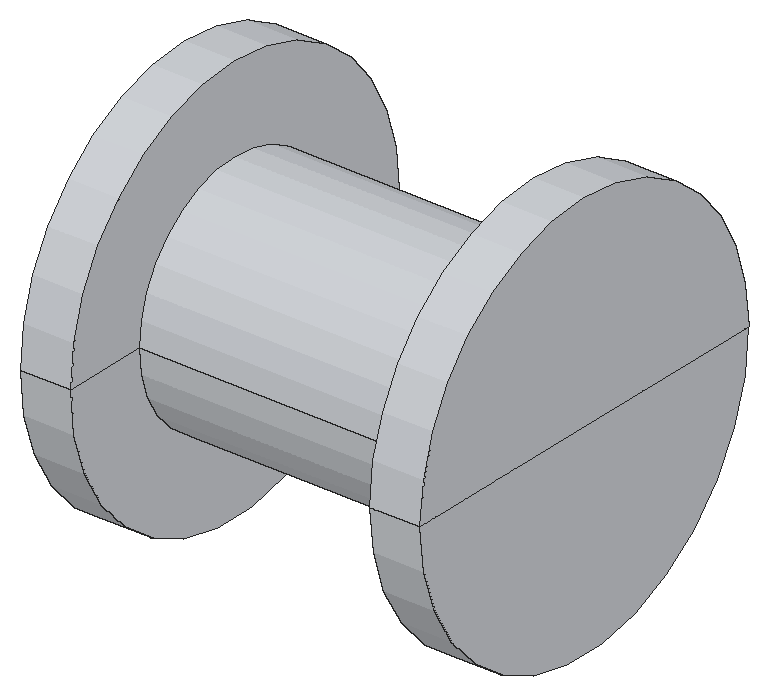
Revit family "a9c714dce54b4701b8b2b1c78c30aff9", category Pipe Fittings, Revit 2021
Family settings
  Round Connector Dimension = Use Radius
  Part Type = Union
  OmniClass Number = 23.60.30.11.14
  OmniClass Title = Pipework Fittings
  Seek Item ID = Coupling - Generic-0000-USA-ENU
  Work Plane-Based = No
  Always vertical = Yes
  Cut with Voids When Loaded = No
  Shared = No
Parameters (values of type "Standard")
  Tick Size [instance] = Socket Outside Diameter * 0.4  # 1.7920"
  Socket Outside Radius [instance] = Socket Outside Diameter / 2  # 2.2400"
  Socket Outside Diameter [instance] = size_lookup(Lookup Table Name, "SOD", 1.08 * Nominal Diameter + 1.1200", Nominal Diameter)  # 4.4800"
  Nominal Radius [instance] = 1.5000"
  Nominal Diameter [instance] = Nominal Radius * 2  # 3.0000"
  Loss Method = K Coefficient from Table
  Lookup Table Name = "Sleeve Short Solid - MJ - GI - Class 250"
  Length Not Found [instance] = if(Nominal Diameter < 14.0000", 7.5000", if(Nominal Diameter < 30.0000", 9.5000", 15.0000"))  # 7.5000"
  Length [instance] = size_lookup(Lookup Table Name, "Lgt", Length Not Found, Nominal Diameter)  # 7.5000"
  K Coefficient Table = "Reducer/Coupling/Union/Increaser"
  Gland Width [instance] = size_lookup(Lookup Table Name, "GWid", 0.03 * Nominal Diameter + 0.9400", Nominal Diameter)  # 0.9400"
  Gland Outside Radius [instance] = Gland Outside Diameter / 2  # 3.8450"
  Gland Outside Diameter [instance] = size_lookup(Lookup Table Name, "GOD", 1.16 * Nominal Diameter + 4.0300", Nominal Diameter)  # 7.6900"
  Default Elevation = 0.0000"
Reference planes (in)
  plane 1 "Center (Front/Back)": y = 0
  plane 2: z = 0
  plane 3 "Center (Left/Right)": x = 0
  plane 4: x = -3.75
  plane 5: x = 3.75
  plane 6: y = 1.792
  plane 7: y = -1.792
  plane 8: y = 2.24
  plane 9: y = 3.845
  plane 10: x = -2.81
  plane 11: x = 2.81
Forms (in)
  Revolve 1, solid, detail levels fine
    sketch origin (0, 0, 0) x (1, 0, 0) y (0, 1, 0)
      loop
        line (-3.75, 0) -> (3.75, 0) -> (3.75, 3.845) -> (2.81, 3.845) -> (2.81, 2.24) -> (-2.81, 2.24) -> (-2.81, 3.845) -> (-3.75, 3.845) -> (-3.75, 0)
      axis (-3.75, 0) -> (3.75, 0)
    angle from 0 to 360
Lines and regions (in)
  model lines, detail levels coarse+medium
    curve 1: line (-3.75, 0, 0) -> (3.75, 0, 0)
    curve 2: line (-3.75, 1.792, 0) -> (-3.75, -1.792, 0)
    curve 3: line (3.75, 1.792, 0) -> (3.75, -1.792, 0)
Dimensions and locks (in)
  equal spacing: plane 4, plane 3 "Center (Left/Right)", plane 5
  "Length": plane 4 to plane 5
  "Tick Size": plane 6 to plane 1 "Center (Front/Back)"
  "Tick Size": plane 7 to plane 1 "Center (Front/Back)"
  "Socket Outside Radius": plane 8 to plane 1 "Center (Front/Back)"
  "Gland Outside Radius": plane 9 to plane 1 "Center (Front/Back)"
  "Gland Width": plane 4 to plane 10
  "Gland Width": plane 11 to plane 5
  aligned and locked: plane 6 to curve 2
  aligned and locked: plane 7 to curve 2
  aligned and locked: curve 2 to plane 4
  aligned and locked: plane 6 to curve 3
  aligned and locked: plane 7 to curve 3
  aligned and locked: plane 5 to curve 3
  aligned and locked: plane 4 to curve 1
  aligned and locked: plane 5 to curve 1
  aligned and locked: plane 1 "Center (Front/Back)" to curve 1
  aligned and locked: plane 1 "Center (Front/Back)" to Revolve 1 sketch curve
  aligned and locked: plane 5 to Revolve 1 sketch curve
  aligned and locked: plane 11 to Revolve 1 sketch curve
  aligned and locked: Revolve 1 sketch curve to plane 9  (x2)
  aligned and locked: Revolve 1 sketch curve to plane 8
  aligned and locked: Revolve 1 sketch curve to plane 10
  aligned and locked: plane 4 to Revolve 1 sketch curve
  aligned and locked: Revolve 1 sketch curve to Revolve 1 sketch curve
Automatic sketch dimensions
  Revolve 1 sketch curve to plane 4 = 4.7500"
  Revolve 1 sketch curve to Revolve 1 sketch curve = 6.7500"
Connectors (in)
  piping at (-3.75, 0, 0), diameter 3, driven by "Nominal Radius"
    settings: on Revolve 1, index 1, connector inside diameter 3.0000", connector length 0.0000", flow factor 0, pipe flow 0 GPM, pressure drop 0.00 psi, fitting loss kfactor 0, connector angle 0.00°, fixture units 0, engagement length 0.0000", angle of deflection 0.00°, flow configuration 0, flow direction 0, fitting loss method 0, system type 28, joint type 0, gender type 0, connector reference index 2, connector utility 0, adjustable connector no, is connector primary yes, connector description ""
  piping at (3.75, 0, 0), diameter 3, driven by "Nominal Radius"
    settings: on Revolve 1, index 2, connector inside diameter 3.0000", connector length 0.0000", flow factor 0, pipe flow 0 GPM, pressure drop 0.00 psi, fitting loss kfactor 0, connector angle 0.00°, fixture units 0, engagement length 0.0000", angle of deflection 0.00°, flow configuration 0, flow direction 0, fitting loss method 0, system type 28, joint type 0, gender type 0, connector reference index 1, connector utility 0, adjustable connector no, is connector primary no, connector description ""
